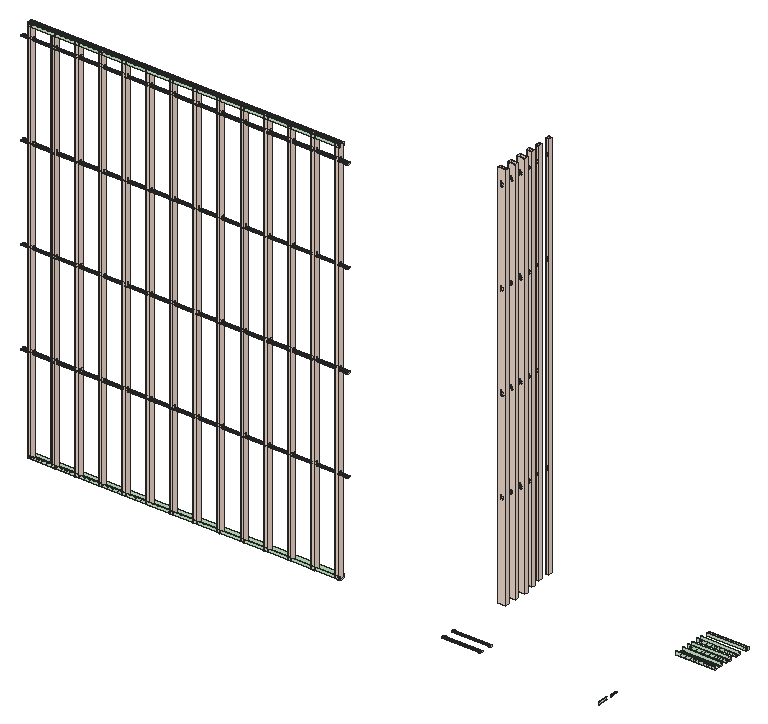
Revit family "SQ-PowerBar.", category 一般モデル, Revit 2022 (continued)
Definition of nested family "SQチャンネル（C-19）"
  Forms (mm)
    Extrusion 1, solid
      sketch origin (-9.5, 0, 0) x (0, 0, -1) y (1, 0, 0)
        loop
          arc (-6.886, 17.155) -> (-6.45, 17.039) -> (-6, 17) r 2.617
          arc (-6, 17) -> (-5.55, 17.039) -> (-5.114, 17.155) r 2.617
          line (-5.114, 17.155) -> (-2.406, 18.129)
          arc (-2.406, 18.129) -> (-1.31, 17.982) -> (-0.8, 17) r 1.2
          line (-0.8, 17) -> (-0.8, 13.5) -> (0, 13.5) -> (0, 17)
          arc (0, 17) -> (-0.85, 18.636) -> (-2.677, 18.882) r 2
          line (-2.677, 18.882) -> (-6, 17.686) -> (-9.323, 18.882)
      from 0 to -1000
  Dimensions and locks
    "K_長さ(mm)": plane 1 "中心(正面/背面)" to plane 4
    aligned and locked: level to plane 2
    aligned and locked: plane 4 to Extrusion 1
  Automatic sketch dimensions
    Extrusion 1 sketch curve to Extrusion 1 sketch curve = 0 mm  (x20)
    Extrusion 1 sketch curve to plane 3 "中心(左/右)" = 0 mm  (x2)
    Extrusion 1 sketch curve to plane 5 = 0 mm  (x2)
    Extrusion 1 sketch curve to level = 0 mm  (x2)
    Extrusion 1 sketch curve to plane 5 = 0.617 mm
    Extrusion 1 sketch curve to Extrusion 1 sketch curve = 0.8 mm  (x3)
    plane 5 to Extrusion 1 sketch curve = 0.8 mm
    plane 5 to Extrusion 1 sketch curve = 1.314 mm
    plane 3 "中心(左/右)" to Extrusion 1 sketch curve = 0.886 mm
    Extrusion 1 sketch curve to Extrusion 1 sketch curve = 0.531 mm  (x3)
    Extrusion 1 sketch curve to plane 3 "中心(左/右)" = 0.886 mm
    Extrusion 1 sketch curve to Extrusion 1 sketch curve = 1.2 mm  (x2)
    Extrusion 1 sketch curve to Extrusion 1 sketch curve = 0.406 mm  (x4)
    Extrusion 1 sketch curve to Extrusion 1 sketch curve = 0.271 mm  (x4)
    Extrusion 1 sketch curve to Extrusion 1 sketch curve = 2.707 mm  (x2)
    Extrusion 1 sketch curve to Extrusion 1 sketch curve = 0.886 mm  (x4)
    level to Extrusion 1 sketch curve = 2.677 mm  (x2)
    Extrusion 1 sketch curve to Extrusion 1 sketch curve = 2.765 mm  (x2)
    Extrusion 1 sketch curve to Extrusion 1 sketch curve = 0.14 mm  (x2)
    Extrusion 1 sketch curve to plane 3 "中心(左/右)" = 4 mm
    Extrusion 1 sketch curve to Extrusion 1 sketch curve = 3.5 mm  (x2)
    Extrusion 1 sketch curve to Extrusion 1 sketch curve = 3.709 mm  (x2)
    Extrusion 1 sketch curve to Extrusion 1 sketch curve = 1.727 mm
    Extrusion 1 sketch curve to Extrusion 1 sketch curve = 0.753 mm  (x2)
    Extrusion 1 sketch curve to Extrusion 1 sketch curve = 1.931 mm  (x2)
    plane 3 "中心(左/右)" to Extrusion 1 sketch curve = 4 mm
    Extrusion 1 sketch curve to Extrusion 1 sketch curve = 0.974 mm
Definition of nested family "SQチャンネル（C-38）"
  Parameters (values of type "SQチャンネル（C-38）")
    Manufacturer = "株式会社桐井製作所"
    Default Elevation = 0 mm
    URL = "https://www.kirii.co.jp/"
    K_長さ(mm) [instance] = 1000 mm
    K_外形寸法(mm) = "38×12×5×0.6"
    K_品名 = "SQチャンネルC-38"
    K_名称 = "振れ止め"
    K_バージョン情報 = "20210714"
  Reference planes
    plane 1 "中心(正面/背面)": y = 0
    plane 2: z = 0
    plane 3 "中心(左/右)": x = 0
    plane 4: y = 1000
    plane 5: z = 12
  Forms (mm)
    Extrusion 1, solid
      sketch origin (19, 0, 0) x (0, 0, -1) y (1, 0, 0)
        loop
          arc (-11.2, -31.193) -> (-10.618, -30.714) -> (-10.4, -29.993) r 1.3
          line (-10.4, -29.993) -> (-10.4, -25.007)
          arc (-10.4, -25.007) -> (-10.618, -24.286) -> (-11.2, -23.807) r 1.3
          line (-11.2, -23.807) -> (-11.2, -14.193)
          arc (-11.2, -14.193) -> (-10.618, -13.714) -> (-10.4, -12.993) r 1.3
          line (-10.4, -12.993) -> (-10.4, -8.007)
          arc (-10.4, -8.007) -> (-10.618, -7.286) -> (-11.2, -6.807) r 1.3
          line (-11.2, -6.807) -> (-11.2, -1.5)
          arc (-11.2, -1.5) -> (-10.995, -1.005) -> (-10.5, -0.8) r 0.7
          line (-10.5, -0.8) -> (-9.604, -0.8) -> (-6.94, -1.825)
          arc (-6.94, -1.825) -> (-6.029, -2) -> (-5.114, -1.845) r 2.617
          line (-5.114, -1.845) -> (-2.405, -0.87)
          arc (-2.405, -0.87) -> (-1.309, -1.019) -> (-0.8, -2) r 1.2
          line (-0.8, -2) -> (-0.8, -5) -> (0, -5) -> (0, -2)
          arc (0, -2) -> (-0.849, -0.364) -> (-2.675, -0.117) r 2
          line (-2.675, -0.117) -> (-5.385, -1.093)
          arc (-5.385, -1.093) -> (-6.02, -1.2) -> (-6.653, -1.079) r 1.817
          line (-6.653, -1.079) -> (-9.23, -0.087)
          arc (-9.23, -0.087) -> (-9.862, 0.007) -> (-10.5, 0) r 4.023
          arc (-10.5, 0) -> (-11.561, -0.439) -> (-12, -1.461) r 1.5
          line (-12, -1.461) -> (-12, -6.461)
          arc (-12, -6.461) -> (-11.782, -7.183) -> (-11.2, -7.661) r 1.3
          line (-11.2, -7.661) -> (-11.2, -13.338)
          arc (-11.2, -13.338) -> (-11.782, -13.817) -> (-12, -14.537) r 1.3
          line (-12, -14.537) -> (-12, -23.461)
          arc (-12, -23.461) -> (-11.782, -24.183) -> (-11.2, -24.661) r 1.3
          line (-11.2, -24.661) -> (-11.2, -30.338)
          arc (-11.2, -30.338) -> (-11.782, -30.817) -> (-12, -31.5) r 1.3
          line (-12, -31.5) -> (-12, -36.5)
          arc (-12, -36.5) -> (-11.561, -37.561) -> (-10.5, -38) r 1.5
          line (-10.5, -38) -> (-9.455, -38) -> (-6.653, -36.921)
          arc (-6.653, -36.921) -> (-6.02, -36.8) -> (-5.385, -36.907) r 1.817
          line (-5.385, -36.907) -> (-2.676, -37.882)
          arc (-2.676, -37.882) -> (-0.849, -37.636) -> (0, -36) r 2
          line (0, -36) -> (0, -33) -> (-0.8, -33) -> (-0.8, -36)
          arc (-0.8, -36) -> (-1.306, -36.979) -> (-2.397, -37.132) r 1.2
          line (-2.397, -37.132) -> (-5.114, -36.155)
          arc (-5.114, -36.155) -> (-6.029, -36) -> (-6.94, -36.175) r 2.617
          line (-6.94, -36.175) -> (-9.604, -37.2) -> (-10.5, -37.2)
          arc (-10.5, -37.2) -> (-10.995, -36.995) -> (-11.2, -36.5) r 0.7
          line (-11.2, -36.5) -> (-11.2, -31.193)
      from 0 to -1000
  Dimensions and locks
    "K_長さ(mm)": plane 1 "中心(正面/背面)" to plane 4
    aligned and locked: level to plane 2
    aligned and locked: plane 4 to Extrusion 1
  Automatic sketch dimensions
    Extrusion 1 sketch curve to Extrusion 1 sketch curve = 0 mm  (x27)
    Extrusion 1 sketch curve to level = 0 mm  (x2)
    level to Extrusion 1 sketch curve = 0 mm  (x2)
    level to Extrusion 1 sketch curve = 0.8 mm  (x2)
    Extrusion 1 sketch curve to Extrusion 1 sketch curve = 0.8 mm  (x7)
    Extrusion 1 sketch curve to Extrusion 1 sketch curve = 1.199 mm
    Extrusion 1 sketch curve to Extrusion 1 sketch curve = 0.001 mm
    Extrusion 1 sketch curve to Extrusion 1 sketch curve = 1.2 mm
    Extrusion 1 sketch curve to Extrusion 1 sketch curve = 0.398 mm
    Extrusion 1 sketch curve to Extrusion 1 sketch curve = 0.405 mm
    Extrusion 1 sketch curve to Extrusion 1 sketch curve = 0.27 mm
    Extrusion 1 sketch curve to Extrusion 1 sketch curve = 0.279 mm
    Extrusion 1 sketch curve to Extrusion 1 sketch curve = 2.709 mm
    Extrusion 1 sketch curve to Extrusion 1 sketch curve = 2.717 mm
    Extrusion 1 sketch curve to Extrusion 1 sketch curve = 0.271 mm  (x2)
    Extrusion 1 sketch curve to Extrusion 1 sketch curve = 0.615 mm  (x2)
    Extrusion 1 sketch curve to Extrusion 1 sketch curve = 1.268 mm  (x2)
    Extrusion 1 sketch curve to Extrusion 1 sketch curve = 0.287 mm  (x2)
    Extrusion 1 sketch curve to Extrusion 1 sketch curve = 2.577 mm
    Extrusion 1 sketch curve to Extrusion 1 sketch curve = 2.803 mm
    Extrusion 1 sketch curve to Extrusion 1 sketch curve = 0.374 mm
    Extrusion 1 sketch curve to Extrusion 1 sketch curve = 0.149 mm
    Extrusion 1 sketch curve to Extrusion 1 sketch curve = 0.532 mm
    Extrusion 1 sketch curve to Extrusion 1 sketch curve = 0.264 mm
    level to Extrusion 1 sketch curve = 10.4 mm
    Extrusion 1 sketch curve to Extrusion 1 sketch curve = 0.896 mm  (x2)
    Extrusion 1 sketch curve to Extrusion 1 sketch curve = 0.3 mm  (x4)
    Extrusion 1 sketch curve to Extrusion 1 sketch curve = 0.5 mm  (x8)
    Extrusion 1 sketch curve to Extrusion 1 sketch curve = 0.7 mm
    Extrusion 1 sketch curve to plane 3 "中心(左/右)" = 19.617 mm
    Extrusion 1 sketch curve to Extrusion 1 sketch curve = 0.617 mm
    Extrusion 1 sketch curve to Extrusion 1 sketch curve = 0.735 mm
    Extrusion 1 sketch curve to Extrusion 1 sketch curve = 0.749 mm
    Extrusion 1 sketch curve to Extrusion 1 sketch curve = 1.695 mm
    Extrusion 1 sketch curve to Extrusion 1 sketch curve = 0.747 mm
    Extrusion 1 sketch curve to Extrusion 1 sketch curve = 1.132 mm
    Extrusion 1 sketch curve to Extrusion 1 sketch curve = 4.962 mm
    Extrusion 1 sketch curve to Extrusion 1 sketch curve = 0.346 mm  (x10)
    Extrusion 1 sketch curve to Extrusion 1 sketch curve = 4.986 mm  (x2)
    plane 3 "中心(左/右)" to Extrusion 1 sketch curve = 4.462 mm
    Extrusion 1 sketch curve to Extrusion 1 sketch curve = 1.462 mm
    Extrusion 1 sketch curve to Extrusion 1 sketch curve = 2.455 mm
    Extrusion 1 sketch curve to Extrusion 1 sketch curve = 3 mm
    Extrusion 1 sketch curve to Extrusion 1 sketch curve = 0.975 mm
    Extrusion 1 sketch curve to Extrusion 1 sketch curve = 0.02 mm
    Extrusion 1 sketch curve to Extrusion 1 sketch curve = 2.507 mm
    Extrusion 1 sketch curve to Extrusion 1 sketch curve = 0.753 mm
    Extrusion 1 sketch curve to Extrusion 1 sketch curve = 0.713 mm
    Extrusion 1 sketch curve to Extrusion 1 sketch curve = 0.038 mm  (x2)
    Extrusion 1 sketch curve to Extrusion 1 sketch curve = 0.002 mm
Definition of nested family "SQ-C38ジョイント"
  Parameters (values of type "SQ-C38ジョイント")
    Manufacturer = "株式会社桐井製作所"
    Default Elevation = 0 mm
    URL = "https://www.kirii.co.jp/"
    K_品名 = "SQ-C38ジョイント"
    K_名称 = "チャンネルジョイント"
    K_入数 = "400"
    K_バージョン情報 = "20210714"
  Reference planes
    plane 1 "中心(正面/背面)": y = 0
    plane 2: z = 0
    plane 3 "中心(左/右)": x = 0
  Forms (mm)
    Extrusion 1, solid
      sketch origin (2.7, 0, 0) x (1, 0, 0) y (0, 0, 1)
        loop
          arc (-10, 17) -> (-10.919, 16.619) -> (-11.3, 15.7) r 1.3
          line (-11.3, 15.7) -> (-11.3, -15.7)
          arc (-11.3, -15.7) -> (-10.919, -16.619) -> (-10, -17) r 1.3
          line (-10, -17) -> (-2.7, -17) -> (-2.7, -16.2) -> (-10, -16.2)
          arc (-10, -16.2) -> (-10.354, -16.054) -> (-10.5, -15.7) r 0.5
          line (-10.5, -15.7) -> (-10.5, 15.7)
          arc (-10.5, 15.7) -> (-10.354, 16.054) -> (-10, 16.2) r 0.5
          line (-10, 16.2) -> (-2.7, 16.2) -> (-2.7, 17) -> (-10, 17)
      from -60 to 60
    Extrusion 2, solid
      sketch origin (0, 0, 0) x (1, 0, 0) y (0, 0, 1)
        loop
          line (-8.6, 11.158) -> (-8.6, 12)
          arc (-8.6, 12) -> (-10.767, 10.5) -> (-11.6, 8) r 4.167
          line (-11.6, 8) -> (-11.6, -8)
          arc (-11.6, -8) -> (-10.767, -10.5) -> (-8.6, -12) r 4.167
          line (-8.6, -12) -> (-8.6, -11.158)
          arc (-8.6, -11.158) -> (-10.196, -9.924) -> (-10.8, -8) r 3.367
          line (-10.8, -8) -> (-10.8, 8)
          arc (-10.8, 8) -> (-10.196, 9.924) -> (-8.6, 11.158) r 3.367
      from -6 to 6
    Extrusion 3, void
      sketch origin (0, 0, 0) x (0, 1, 0) y (0, 0, 1)
        loop
          line (-40, 7.521) -> (-40, -7.479) -> (-20, -7.479) -> (-20, 7.521) -> (-40, 7.521)
        loop
          line (20, 7.521) -> (20, -7.479) -> (40, -7.479) -> (40, 7.521) -> (20, 7.521)
      from -8.6 to -7.8
    Extrusion 4, solid
      sketch origin (0, 0, 0) x (1, 0, 0) y (0, 1, 0)
        loop
          line (-8.6, 40) -> (-11.6, 20) -> (-10.809, 19.881) -> (-7.8, 40) -> (-8.6, 40)
        loop
          line (-8.6, -40) -> (-7.8, -40) -> (-10.809, -19.881) -> (-11.6, -20) -> (-8.6, -40)
      from -7.479 to 7.521
    Extrusion 5, void
      sketch origin (0, 0, 0) x (0, 1, 0) y (0, 0, 1)
        loop
          line (-6, 11.158) -> (-6, -11.158) -> (6, -11.158) -> (6, 11.158) -> (-6, 11.158)
      from -8.6 to -7.8
  Cuts and joins
    Extrusion 3, Extrusion 5 cuts Extrusion 1
    joined: Extrusion 1, Extrusion 2, Extrusion 4
  Dimensions and locks
    aligned and locked: level to plane 2
Definition of nested family "SQ-PowerBar4045"
  Parameters (values of type "SQ-PowerBar4045")
    Manufacturer = "株式会社桐井製作所"
    Default Elevation = 0 mm
    振れ止め本数 [instance] = roundup(([K_長さ(mm)] - 1200 mm) * 1 / 振れ止めピッチ) * 1  # 4
    振れ止めピッチ = 1200 mm  # constant formula
    URL = "https://www.kirii.co.jp/"
    K_長さ(mm) [instance] = 5000 mm
    K_外形寸法(mm) = "40×45×0.45"
    K_品名 = "SQ-PowerBar4045"
    K_名称 = "スタッド"
    K_バージョン情報 = "20210714"
  Reference planes
    plane 1 "中心(正面/背面)": y = 0
    plane 2: z = 0
    plane 3 "中心(左/右)": x = 0
    plane 4: x = 20
    plane 5: x = -20
    plane 6: y = 22.5
    plane 7: z = 5000
    plane 8: y = -22.5
    plane 9: z = 1200
  Forms (mm)
    Extrusion 1, solid
      sketch origin (0.5, -20, 0) x (1, 0, 0) y (0, 1, 0)
        loop
          line (-20.5, 42.5) -> (-20.5, -2.5) -> (19.5, -2.5) -> (19.5, 42.5) -> (-20.5, 42.5)
        loop
          line (-20.05, 42.05) -> (-20.05, -2.05) -> (19.05, -2.05) -> (19.05, 42.05) -> (-20.05, 42.05)
      from 0 to 5000
    Extrusion 2, void
      sketch origin (0, 0, -2.498) x (1, 0, 0) y (0, 0, 1)
        loop
          line (9.5, 1214.5) -> (10.689, 1225.606)
          arc (10.689, 1225.606) -> (9.707, 1231.368) -> (5.855, 1235.765) r 10.75
          arc (5.855, 1235.765) -> (5.521, 1236.127) -> (5.4, 1236.604) r 1
          line (5.4, 1236.604) -> (5.4, 1238.5)
          arc (5.4, 1238.5) -> (5.107, 1239.207) -> (4.4, 1239.5) r 1
          line (4.4, 1239.5) -> (-4.4, 1239.5)
          arc (-4.4, 1239.5) -> (-5.107, 1239.207) -> (-5.4, 1238.5) r 1
          line (-5.4, 1238.5) -> (-5.4, 1236.604)
          arc (-5.4, 1236.604) -> (-5.521, 1236.127) -> (-5.855, 1235.765) r 1
          arc (-5.855, 1235.765) -> (-9.707, 1231.368) -> (-10.689, 1225.606) r 10.75
          line (-10.689, 1225.606) -> (-9.5, 1214.5) -> (-9.5, 1211.956) -> (-8.421, 1209.153)
          arc (-8.421, 1209.153) -> (-8.3, 1208.52) -> (-8.407, 1207.885) r 1.817
          line (-8.407, 1207.885) -> (-9.501, 1204.847) -> (-9.501, 1203.499)
          arc (-9.501, 1203.499) -> (-9.208, 1202.791) -> (-8.5, 1202.498) r 1.001
          line (-8.5, 1202.498) -> (-6.417, 1202.498)
          arc (-6.417, 1202.498) -> (-5.841, 1202.309) -> (-5.486, 1201.818) r 0.978
          line (-5.486, 1201.818) -> (-5.359, 1201.002)
          arc (-5.359, 1201.002) -> (-5.072, 1200.31) -> (-4.379, 1200.023) r 0.979
          line (-4.379, 1200.023) -> (4.379, 1200.023)
          arc (4.379, 1200.023) -> (5.072, 1200.31) -> (5.359, 1201.002) r 0.979
          line (5.359, 1201.002) -> (5.486, 1201.818)
          arc (5.486, 1201.818) -> (5.841, 1202.309) -> (6.417, 1202.498) r 0.978
          line (6.417, 1202.498) -> (8.5, 1202.5)
          arc (8.5, 1202.5) -> (9.207, 1202.793) -> (9.5, 1203.5) r 1
          line (9.5, 1203.5) -> (9.5, 1204.849) -> (8.407, 1207.885)
          arc (8.407, 1207.885) -> (8.3, 1208.52) -> (8.421, 1209.153) r 1.817
          line (8.421, 1209.153) -> (9.5, 1211.956) -> (9.5, 1214.5)
      from -22.5 to -21.596
    Extrusion 3, void
      sketch origin (0, 0, 0) x (1, 0, 0) y (0, 0, 1)
        loop
          line (-4.774, 1234.724) -> (-4.8, 1233.869)
          arc (-4.8, 1233.869) -> (-9.43, 1229.41) -> (-10.689, 1223.106) r 10.75
          line (-10.689, 1223.106) -> (-9.5, 1212.003) -> (-9.5, 1209.457) -> (-9.5, 1200.952)
          arc (-9.5, 1200.952) -> (-9.19, 1200.276) -> (-8.5, 1200) r 1.001
          line (-8.5, 1200) -> (-4.8, 1200)
          arc (-4.8, 1200) -> (-4.507, 1199.293) -> (-3.8, 1199) r 1
          line (-3.8, 1199) -> (3.8, 1199)
          arc (3.8, 1199) -> (4.507, 1199.293) -> (4.8, 1200) r 1
          line (4.8, 1200) -> (8.5, 1200.002)
          arc (8.5, 1200.002) -> (9.207, 1200.295) -> (9.5, 1201) r 1
          line (9.5, 1201) -> (9.5, 1210) -> (9.5, 1212) -> (10.689, 1223.106)
          arc (10.689, 1223.106) -> (9.431, 1229.41) -> (4.8, 1233.869) r 10.75
          line (4.8, 1233.869) -> (4.774, 1234.724)
          arc (4.774, 1234.724) -> (4.423, 1235.282) -> (3.8, 1235.5) r 1
          line (3.8, 1235.5) -> (-3.8, 1235.5)
          arc (-3.8, 1235.5) -> (-4.423, 1235.282) -> (-4.774, 1234.724) r 1
      from 21.501 to 22.5
    Extrusion 4, void
      sketch origin (0, 0, 1200) x (1, 0, 0) y (0, 0, 1)
        loop
          line (-4.774, 1234.724) -> (-4.8, 1233.869)
          arc (-4.8, 1233.869) -> (-9.43, 1229.41) -> (-10.689, 1223.106) r 10.75
          line (-10.689, 1223.106) -> (-9.5, 1212.003) -> (-9.5, 1209.457) -> (-9.5, 1200.952)
          arc (-9.5, 1200.952) -> (-9.19, 1200.276) -> (-8.5, 1200) r 1.001
          line (-8.5, 1200) -> (-4.8, 1200)
          arc (-4.8, 1200) -> (-4.507, 1199.293) -> (-3.8, 1199) r 1
          line (-3.8, 1199) -> (3.8, 1199)
          arc (3.8, 1199) -> (4.507, 1199.293) -> (4.8, 1200) r 1
          line (4.8, 1200) -> (8.5, 1200.002)
          arc (8.5, 1200.002) -> (9.207, 1200.295) -> (9.5, 1201) r 1
          line (9.5, 1201) -> (9.5, 1210) -> (9.5, 1212) -> (10.689, 1223.106)
          arc (10.689, 1223.106) -> (9.431, 1229.41) -> (4.8, 1233.869) r 10.75
          line (4.8, 1233.869) -> (4.774, 1234.724)
          arc (4.774, 1234.724) -> (4.423, 1235.282) -> (3.8, 1235.5) r 1
          line (3.8, 1235.5) -> (-3.8, 1235.5)
          arc (-3.8, 1235.5) -> (-4.423, 1235.282) -> (-4.774, 1234.724) r 1
      from 21.501 to 22.5
    Extrusion 5, void
      sketch origin (0, 0, 2400) x (1, 0, 0) y (0, 0, 1)
        loop
          line (-4.774, 1234.724) -> (-4.8, 1233.869)
          arc (-4.8, 1233.869) -> (-9.43, 1229.41) -> (-10.689, 1223.106) r 10.75
          line (-10.689, 1223.106) -> (-9.5, 1212.003) -> (-9.5, 1209.457) -> (-9.5, 1200.952)
          arc (-9.5, 1200.952) -> (-9.19, 1200.276) -> (-8.5, 1200) r 1.001
          line (-8.5, 1200) -> (-4.8, 1200)
          arc (-4.8, 1200) -> (-4.507, 1199.293) -> (-3.8, 1199) r 1
          line (-3.8, 1199) -> (3.8, 1199)
          arc (3.8, 1199) -> (4.507, 1199.293) -> (4.8, 1200) r 1
          line (4.8, 1200) -> (8.5, 1200.002)
          arc (8.5, 1200.002) -> (9.207, 1200.295) -> (9.5, 1201) r 1
          line (9.5, 1201) -> (9.5, 1210) -> (9.5, 1212) -> (10.689, 1223.106)
          arc (10.689, 1223.106) -> (9.431, 1229.41) -> (4.8, 1233.869) r 10.75
          line (4.8, 1233.869) -> (4.774, 1234.724)
          arc (4.774, 1234.724) -> (4.423, 1235.282) -> (3.8, 1235.5) r 1
          line (3.8, 1235.5) -> (-3.8, 1235.5)
          arc (-3.8, 1235.5) -> (-4.423, 1235.282) -> (-4.774, 1234.724) r 1
      from 21.501 to 22.5
    Extrusion 6, void
      sketch origin (0, 0, 3600) x (1, 0, 0) y (0, 0, 1)
        loop
          line (-4.774, 1234.724) -> (-4.8, 1233.869)
          arc (-4.8, 1233.869) -> (-9.43, 1229.41) -> (-10.689, 1223.106) r 10.75
          line (-10.689, 1223.106) -> (-9.5, 1212.003) -> (-9.5, 1209.457) -> (-9.5, 1200.952)
          arc (-9.5, 1200.952) -> (-9.19, 1200.276) -> (-8.5, 1200) r 1.001
          line (-8.5, 1200) -> (-4.8, 1200)
          arc (-4.8, 1200) -> (-4.507, 1199.293) -> (-3.8, 1199) r 1
          line (-3.8, 1199) -> (3.8, 1199)
          arc (3.8, 1199) -> (4.507, 1199.293) -> (4.8, 1200) r 1
          line (4.8, 1200) -> (8.5, 1200.002)
          arc (8.5, 1200.002) -> (9.207, 1200.295) -> (9.5, 1201) r 1
          line (9.5, 1201) -> (9.5, 1210) -> (9.5, 1212) -> (10.689, 1223.106)
          arc (10.689, 1223.106) -> (9.431, 1229.41) -> (4.8, 1233.869) r 10.75
          line (4.8, 1233.869) -> (4.774, 1234.724)
          arc (4.774, 1234.724) -> (4.423, 1235.282) -> (3.8, 1235.5) r 1
          line (3.8, 1235.5) -> (-3.8, 1235.5)
          arc (-3.8, 1235.5) -> (-4.423, 1235.282) -> (-4.774, 1234.724) r 1
      from 21.501 to 22.5
    Extrusion 7, void
      sketch origin (0, 0, 1197.502) x (1, 0, 0) y (0, 0, 1)
        loop
          line (9.5, 1214.5) -> (10.689, 1225.606)
          arc (10.689, 1225.606) -> (9.707, 1231.368) -> (5.855, 1235.765) r 10.75
          arc (5.855, 1235.765) -> (5.521, 1236.127) -> (5.4, 1236.604) r 1
          line (5.4, 1236.604) -> (5.4, 1238.5)
          arc (5.4, 1238.5) -> (5.107, 1239.207) -> (4.4, 1239.5) r 1
          line (4.4, 1239.5) -> (-4.4, 1239.5)
          arc (-4.4, 1239.5) -> (-5.107, 1239.207) -> (-5.4, 1238.5) r 1
          line (-5.4, 1238.5) -> (-5.4, 1236.604)
          arc (-5.4, 1236.604) -> (-5.521, 1236.127) -> (-5.855, 1235.765) r 1
          arc (-5.855, 1235.765) -> (-9.707, 1231.368) -> (-10.689, 1225.606) r 10.75
          line (-10.689, 1225.606) -> (-9.5, 1214.5) -> (-9.5, 1211.956) -> (-8.421, 1209.153)
          arc (-8.421, 1209.153) -> (-8.3, 1208.52) -> (-8.407, 1207.885) r 1.817
          line (-8.407, 1207.885) -> (-9.501, 1204.847) -> (-9.501, 1203.499)
          arc (-9.501, 1203.499) -> (-9.208, 1202.791) -> (-8.5, 1202.498) r 1.001
          line (-8.5, 1202.498) -> (-6.417, 1202.498)
          arc (-6.417, 1202.498) -> (-5.841, 1202.309) -> (-5.486, 1201.818) r 0.978
          line (-5.486, 1201.818) -> (-5.359, 1201.002)
          arc (-5.359, 1201.002) -> (-5.072, 1200.31) -> (-4.379, 1200.023) r 0.979
          line (-4.379, 1200.023) -> (4.379, 1200.023)
          arc (4.379, 1200.023) -> (5.072, 1200.31) -> (5.359, 1201.002) r 0.979
          line (5.359, 1201.002) -> (5.486, 1201.818)
          arc (5.486, 1201.818) -> (5.841, 1202.309) -> (6.417, 1202.498) r 0.978
          line (6.417, 1202.498) -> (8.5, 1202.5)
          arc (8.5, 1202.5) -> (9.207, 1202.793) -> (9.5, 1203.5) r 1
          line (9.5, 1203.5) -> (9.5, 1204.849) -> (8.407, 1207.885)
          arc (8.407, 1207.885) -> (8.3, 1208.52) -> (8.421, 1209.153) r 1.817
          line (8.421, 1209.153) -> (9.5, 1211.956) -> (9.5, 1214.5)
      from -22.5 to -21.596
    Extrusion 8, void
      sketch origin (0, 0, 2397.502) x (1, 0, 0) y (0, 0, 1)
        loop
          line (9.5, 1214.5) -> (10.689, 1225.606)
          arc (10.689, 1225.606) -> (9.707, 1231.368) -> (5.855, 1235.765) r 10.75
          arc (5.855, 1235.765) -> (5.521, 1236.127) -> (5.4, 1236.604) r 1
          line (5.4, 1236.604) -> (5.4, 1238.5)
          arc (5.4, 1238.5) -> (5.107, 1239.207) -> (4.4, 1239.5) r 1
          line (4.4, 1239.5) -> (-4.4, 1239.5)
          arc (-4.4, 1239.5) -> (-5.107, 1239.207) -> (-5.4, 1238.5) r 1
          line (-5.4, 1238.5) -> (-5.4, 1236.604)
          arc (-5.4, 1236.604) -> (-5.521, 1236.127) -> (-5.855, 1235.765) r 1
          arc (-5.855, 1235.765) -> (-9.707, 1231.368) -> (-10.689, 1225.606) r 10.75
          line (-10.689, 1225.606) -> (-9.5, 1214.5) -> (-9.5, 1211.956) -> (-8.421, 1209.153)
          arc (-8.421, 1209.153) -> (-8.3, 1208.52) -> (-8.407, 1207.885) r 1.817
          line (-8.407, 1207.885) -> (-9.501, 1204.847) -> (-9.501, 1203.499)
          arc (-9.501, 1203.499) -> (-9.208, 1202.791) -> (-8.5, 1202.498) r 1.001
          line (-8.5, 1202.498) -> (-6.417, 1202.498)
          arc (-6.417, 1202.498) -> (-5.841, 1202.309) -> (-5.486, 1201.818) r 0.978
          line (-5.486, 1201.818) -> (-5.359, 1201.002)
          arc (-5.359, 1201.002) -> (-5.072, 1200.31) -> (-4.379, 1200.023) r 0.979
          line (-4.379, 1200.023) -> (4.379, 1200.023)
          arc (4.379, 1200.023) -> (5.072, 1200.31) -> (5.359, 1201.002) r 0.979
          line (5.359, 1201.002) -> (5.486, 1201.818)
          arc (5.486, 1201.818) -> (5.841, 1202.309) -> (6.417, 1202.498) r 0.978
          line (6.417, 1202.498) -> (8.5, 1202.5)
          arc (8.5, 1202.5) -> (9.207, 1202.793) -> (9.5, 1203.5) r 1
          line (9.5, 1203.5) -> (9.5, 1204.849) -> (8.407, 1207.885)
          arc (8.407, 1207.885) -> (8.3, 1208.52) -> (8.421, 1209.153) r 1.817
          line (8.421, 1209.153) -> (9.5, 1211.956) -> (9.5, 1214.5)
      from -22.5 to -21.596
    Extrusion 9, void
      sketch origin (0, 0, 3597.502) x (1, 0, 0) y (0, 0, 1)
        loop
          line (9.5, 1214.5) -> (10.689, 1225.606)
          arc (10.689, 1225.606) -> (9.707, 1231.368) -> (5.855, 1235.765) r 10.75
          arc (5.855, 1235.765) -> (5.521, 1236.127) -> (5.4, 1236.604) r 1
          line (5.4, 1236.604) -> (5.4, 1238.5)
          arc (5.4, 1238.5) -> (5.107, 1239.207) -> (4.4, 1239.5) r 1
          line (4.4, 1239.5) -> (-4.4, 1239.5)
          arc (-4.4, 1239.5) -> (-5.107, 1239.207) -> (-5.4, 1238.5) r 1
          line (-5.4, 1238.5) -> (-5.4, 1236.604)
          arc (-5.4, 1236.604) -> (-5.521, 1236.127) -> (-5.855, 1235.765) r 1
          arc (-5.855, 1235.765) -> (-9.707, 1231.368) -> (-10.689, 1225.606) r 10.75
          line (-10.689, 1225.606) -> (-9.5, 1214.5) -> (-9.5, 1211.956) -> (-8.421, 1209.153)
          arc (-8.421, 1209.153) -> (-8.3, 1208.52) -> (-8.407, 1207.885) r 1.817
          line (-8.407, 1207.885) -> (-9.501, 1204.847) -> (-9.501, 1203.499)
          arc (-9.501, 1203.499) -> (-9.208, 1202.791) -> (-8.5, 1202.498) r 1.001
          line (-8.5, 1202.498) -> (-6.417, 1202.498)
          arc (-6.417, 1202.498) -> (-5.841, 1202.309) -> (-5.486, 1201.818) r 0.978
          line (-5.486, 1201.818) -> (-5.359, 1201.002)
          arc (-5.359, 1201.002) -> (-5.072, 1200.31) -> (-4.379, 1200.023) r 0.979
          line (-4.379, 1200.023) -> (4.379, 1200.023)
          arc (4.379, 1200.023) -> (5.072, 1200.31) -> (5.359, 1201.002) r 0.979
          line (5.359, 1201.002) -> (5.486, 1201.818)
          arc (5.486, 1201.818) -> (5.841, 1202.309) -> (6.417, 1202.498) r 0.978
          line (6.417, 1202.498) -> (8.5, 1202.5)
          arc (8.5, 1202.5) -> (9.207, 1202.793) -> (9.5, 1203.5) r 1
          line (9.5, 1203.5) -> (9.5, 1204.849) -> (8.407, 1207.885)
          arc (8.407, 1207.885) -> (8.3, 1208.52) -> (8.421, 1209.153) r 1.817
          line (8.421, 1209.153) -> (9.5, 1211.956) -> (9.5, 1214.5)
      from -22.5 to -21.596
  Cuts and joins
    Extrusion 2, Extrusion 3, Extrusion 5, Extrusion 6, Extrusion 8, Extrusion 9 cuts Extrusion 1
  Dimensions and locks
    "K_長さ(mm)": plane 7 to level
    equal spacing: group 1, group 2, group 3, group 4  (x3)
    "振れ止めピッチ": plane 2 to plane 9
    equal spacing: group 5, group 6, group 7, group 8  (x3)
    aligned and locked: level to plane 2
    aligned and locked: Extrusion 1 sketch curve to plane 6
    aligned and locked: plane 7 to Extrusion 1
    aligned and locked: plane 6 to Extrusion 1
    aligned and locked: Extrusion 1 to plane 8
    aligned and locked: plane 4 to Extrusion 1
    aligned and locked: Extrusion 1 to plane 5
    aligned and locked: plane 9 to cut or joined group of Extrusion 1, Extrusion 2, Extrusion 3, Extrusion 5, Extrusion 6, Extrusion 8, Extrusion 9
    aligned and locked: cut or joined group of Extrusion 1, Extrusion 2, Extrusion 3, Extrusion 5, Extrusion 6, Extrusion 8, Extrusion 9 to plane 9
  Automatic sketch dimensions
    Extrusion 1 sketch curve to plane 4 = 0.45 mm
    plane 5 to Extrusion 1 sketch curve = 0.45 mm
    plane 1 "中心(正面/背面)" to Extrusion 1 sketch curve = 22.05 mm
    Extrusion 1 sketch curve to plane 6 = 0.45 mm
    Extrusion 1 sketch curve to plane 4 = 0 mm
    Extrusion 1 sketch curve to plane 5 = 0 mm
    Extrusion 1 sketch curve to plane 8 = 0 mm
    Extrusion 2 sketch curve to Extrusion 2 sketch curve = 1.188 mm
    Extrusion 2 sketch curve to Extrusion 2 sketch curve = 0.001 mm
    Extrusion 2 sketch curve to Extrusion 2 sketch curve = 1.001 mm
    Extrusion 2 sketch curve to Extrusion 2 sketch curve = 2.082 mm
    Extrusion 2 sketch curve to Extrusion 2 sketch curve = 4.289 mm
    Extrusion 2 sketch curve to Extrusion 2 sketch curve = 0.931 mm  (x2)
    Extrusion 2 sketch curve to Extrusion 2 sketch curve = 1 mm  (x6)
    Extrusion 2 sketch curve to Extrusion 2 sketch curve = 0.127 mm  (x2)
    Extrusion 2 sketch curve to Extrusion 2 sketch curve = 0.979 mm
    Extrusion 2 sketch curve to Extrusion 2 sketch curve = 10.689 mm  (x2)
    Extrusion 2 sketch curve to Extrusion 2 sketch curve = 8.759 mm
    Extrusion 2 sketch curve to Extrusion 2 sketch curve = 8.8 mm
    Extrusion 2 sketch curve to Extrusion 2 sketch curve = 2.083 mm
    Extrusion 2 sketch curve to Extrusion 2 sketch curve = 0 mm  (x5)
    Extrusion 2 sketch curve to Extrusion 2 sketch curve = 0.518 mm  (x2)
    Extrusion 2 sketch curve to Extrusion 2 sketch curve = 0.816 mm  (x2)
    Extrusion 2 sketch curve to Extrusion 2 sketch curve = 0.002 mm
    Extrusion 2 sketch curve to Extrusion 2 sketch curve = 8.457 mm
    Extrusion 2 sketch curve to Extrusion 2 sketch curve = 8.456 mm
    Extrusion 2 sketch curve to Extrusion 2 sketch curve = 2.544 mm  (x2)
    Extrusion 2 sketch curve to Extrusion 2 sketch curve = 11.106 mm  (x2)
    Extrusion 2 sketch curve to Extrusion 2 sketch curve = 1.144 mm
    Extrusion 2 sketch curve to Extrusion 2 sketch curve = 9.854 mm  (x2)
    Extrusion 2 sketch curve to Extrusion 2 sketch curve = 1.896 mm
    Extrusion 2 sketch curve to Extrusion 2 sketch curve = 1.079 mm
    Extrusion 2 sketch curve to Extrusion 2 sketch curve = 0.014 mm  (x2)
    Extrusion 2 sketch curve to Extrusion 2 sketch curve = 0.017 mm
    Extrusion 2 sketch curve to Extrusion 2 sketch curve = 1.093 mm
    Extrusion 2 sketch curve to Extrusion 2 sketch curve = 1.348 mm
    Extrusion 2 sketch curve to Extrusion 2 sketch curve = 1.349 mm
    Extrusion 2 sketch curve to Extrusion 2 sketch curve = 3.036 mm
    Extrusion 2 sketch curve to Extrusion 2 sketch curve = 3.038 mm
    Extrusion 2 sketch curve to Extrusion 2 sketch curve = 1.268 mm  (x2)
    Extrusion 2 sketch curve to Extrusion 2 sketch curve = 1.695 mm
    Extrusion 2 sketch curve to Extrusion 2 sketch curve = 1.709 mm
    Extrusion 3 sketch curve to Extrusion 3 sketch curve = 0 mm  (x7)
    Extrusion 3 sketch curve to Extrusion 3 sketch curve = 1 mm  (x4)
    Extrusion 3 sketch curve to Extrusion 3 sketch curve = 3.7 mm  (x2)
    Extrusion 3 sketch curve to Extrusion 3 sketch curve = 0.025 mm  (x2)
    Extrusion 3 sketch curve to Extrusion 3 sketch curve = 0.975 mm  (x2)
    Extrusion 3 sketch curve to Extrusion 3 sketch curve = 8.998 mm
    Extrusion 3 sketch curve to Extrusion 3 sketch curve = 2 mm
    Extrusion 3 sketch curve to Extrusion 3 sketch curve = 11.002 mm
    Extrusion 3 sketch curve to Extrusion 3 sketch curve = 11.102 mm
    Extrusion 3 sketch curve to Extrusion 3 sketch curve = 11.106 mm
    Extrusion 3 sketch curve to Extrusion 3 sketch curve = 1.144 mm
    Extrusion 3 sketch curve to Extrusion 3 sketch curve = 0.631 mm  (x2)
    Extrusion 3 sketch curve to Extrusion 3 sketch curve = 0.855 mm
    Extrusion 3 sketch curve to Extrusion 3 sketch curve = 0.002 mm
    Extrusion 3 sketch curve to Extrusion 3 sketch curve = 2.546 mm
    Extrusion 3 sketch curve to Extrusion 3 sketch curve = 0.001 mm
    Extrusion 3 sketch curve to Extrusion 3 sketch curve = 1.189 mm
    Extrusion 3 sketch curve to Extrusion 3 sketch curve = 5.889 mm
    Extrusion 3 sketch curve to Extrusion 3 sketch curve = 10.689 mm  (x2)
    Extrusion 3 sketch curve to Extrusion 3 sketch curve = 7.599 mm
    Extrusion 3 sketch curve to Extrusion 3 sketch curve = 7.6 mm
    Extrusion 3 sketch curve to Extrusion 3 sketch curve = 0.952 mm
    Extrusion 3 sketch curve to Extrusion 3 sketch curve = 1.002 mm
    Extrusion 4 sketch curve to Extrusion 4 sketch curve = 0 mm  (x7)
    Extrusion 4 sketch curve to Extrusion 4 sketch curve = 1 mm  (x4)
    Extrusion 4 sketch curve to Extrusion 4 sketch curve = 3.7 mm  (x2)
    Extrusion 4 sketch curve to Extrusion 4 sketch curve = 0.025 mm  (x2)
    Extrusion 4 sketch curve to Extrusion 4 sketch curve = 0.975 mm  (x2)
    Extrusion 4 sketch curve to Extrusion 4 sketch curve = 8.998 mm
    Extrusion 4 sketch curve to Extrusion 4 sketch curve = 2 mm
    Extrusion 4 sketch curve to Extrusion 4 sketch curve = 11.002 mm
    Extrusion 4 sketch curve to Extrusion 4 sketch curve = 11.102 mm
    Extrusion 4 sketch curve to Extrusion 4 sketch curve = 11.106 mm
    Extrusion 4 sketch curve to Extrusion 4 sketch curve = 1.144 mm
    Extrusion 4 sketch curve to Extrusion 4 sketch curve = 0.631 mm  (x2)
    Extrusion 4 sketch curve to Extrusion 4 sketch curve = 0.855 mm
    Extrusion 4 sketch curve to Extrusion 4 sketch curve = 0.002 mm
    Extrusion 4 sketch curve to Extrusion 4 sketch curve = 2.546 mm
    Extrusion 4 sketch curve to Extrusion 4 sketch curve = 0.001 mm
    Extrusion 4 sketch curve to Extrusion 4 sketch curve = 1.189 mm
    Extrusion 4 sketch curve to Extrusion 4 sketch curve = 5.889 mm
    Extrusion 4 sketch curve to Extrusion 4 sketch curve = 10.689 mm  (x2)
    Extrusion 4 sketch curve to Extrusion 4 sketch curve = 7.599 mm
    Extrusion 4 sketch curve to Extrusion 4 sketch curve = 7.6 mm
    Extrusion 4 sketch curve to Extrusion 4 sketch curve = 0.952 mm
    Extrusion 4 sketch curve to Extrusion 4 sketch curve = 1.002 mm
    Extrusion 5 sketch curve to Extrusion 5 sketch curve = 0 mm  (x7)
    Extrusion 5 sketch curve to Extrusion 5 sketch curve = 1 mm  (x4)
    Extrusion 5 sketch curve to Extrusion 5 sketch curve = 3.7 mm  (x2)
    Extrusion 5 sketch curve to Extrusion 5 sketch curve = 0.025 mm  (x2)
    Extrusion 5 sketch curve to Extrusion 5 sketch curve = 0.975 mm  (x2)
    Extrusion 5 sketch curve to Extrusion 5 sketch curve = 8.998 mm
    Extrusion 5 sketch curve to Extrusion 5 sketch curve = 2 mm
    Extrusion 5 sketch curve to Extrusion 5 sketch curve = 11.002 mm
    Extrusion 5 sketch curve to Extrusion 5 sketch curve = 11.102 mm
    Extrusion 5 sketch curve to Extrusion 5 sketch curve = 11.106 mm
    Extrusion 5 sketch curve to Extrusion 5 sketch curve = 1.144 mm
    Extrusion 5 sketch curve to Extrusion 5 sketch curve = 0.631 mm  (x2)
    Extrusion 5 sketch curve to Extrusion 5 sketch curve = 0.855 mm
    Extrusion 5 sketch curve to Extrusion 5 sketch curve = 0.002 mm
    Extrusion 5 sketch curve to Extrusion 5 sketch curve = 2.546 mm
    Extrusion 5 sketch curve to Extrusion 5 sketch curve = 0.001 mm
    Extrusion 5 sketch curve to Extrusion 5 sketch curve = 1.189 mm
    Extrusion 5 sketch curve to Extrusion 5 sketch curve = 5.889 mm
    Extrusion 5 sketch curve to Extrusion 5 sketch curve = 10.689 mm  (x2)
    Extrusion 5 sketch curve to Extrusion 5 sketch curve = 7.599 mm
    Extrusion 5 sketch curve to Extrusion 5 sketch curve = 7.6 mm
    Extrusion 5 sketch curve to Extrusion 5 sketch curve = 0.952 mm
    Extrusion 5 sketch curve to Extrusion 5 sketch curve = 1.002 mm
    Extrusion 6 sketch curve to Extrusion 6 sketch curve = 0 mm  (x7)
    Extrusion 6 sketch curve to Extrusion 6 sketch curve = 1 mm  (x4)
    Extrusion 6 sketch curve to Extrusion 6 sketch curve = 3.7 mm  (x2)
    Extrusion 6 sketch curve to Extrusion 6 sketch curve = 0.025 mm  (x2)
    Extrusion 6 sketch curve to Extrusion 6 sketch curve = 0.975 mm  (x2)
    Extrusion 6 sketch curve to Extrusion 6 sketch curve = 8.998 mm
    Extrusion 6 sketch curve to Extrusion 6 sketch curve = 2 mm
    Extrusion 6 sketch curve to Extrusion 6 sketch curve = 11.002 mm
    Extrusion 6 sketch curve to Extrusion 6 sketch curve = 11.102 mm
    Extrusion 6 sketch curve to Extrusion 6 sketch curve = 11.106 mm
    Extrusion 6 sketch curve to Extrusion 6 sketch curve = 1.144 mm
    Extrusion 6 sketch curve to Extrusion 6 sketch curve = 0.631 mm  (x2)
    Extrusion 6 sketch curve to Extrusion 6 sketch curve = 0.855 mm
    Extrusion 6 sketch curve to Extrusion 6 sketch curve = 0.002 mm
    Extrusion 6 sketch curve to Extrusion 6 sketch curve = 2.546 mm
    Extrusion 6 sketch curve to Extrusion 6 sketch curve = 0.001 mm
    Extrusion 6 sketch curve to Extrusion 6 sketch curve = 1.189 mm
    Extrusion 6 sketch curve to Extrusion 6 sketch curve = 5.889 mm
    Extrusion 6 sketch curve to Extrusion 6 sketch curve = 10.689 mm  (x2)
    Extrusion 6 sketch curve to Extrusion 6 sketch curve = 7.599 mm
    Extrusion 6 sketch curve to Extrusion 6 sketch curve = 7.6 mm
    Extrusion 6 sketch curve to Extrusion 6 sketch curve = 0.952 mm
    Extrusion 6 sketch curve to Extrusion 6 sketch curve = 1.002 mm
    Extrusion 7 sketch curve to Extrusion 7 sketch curve = 1.188 mm
    Extrusion 7 sketch curve to Extrusion 7 sketch curve = 0.001 mm
    Extrusion 7 sketch curve to Extrusion 7 sketch curve = 1.001 mm
    Extrusion 7 sketch curve to Extrusion 7 sketch curve = 2.082 mm
    Extrusion 7 sketch curve to Extrusion 7 sketch curve = 4.289 mm
    Extrusion 7 sketch curve to Extrusion 7 sketch curve = 0.931 mm  (x2)
    Extrusion 7 sketch curve to Extrusion 7 sketch curve = 1 mm  (x6)
    Extrusion 7 sketch curve to Extrusion 7 sketch curve = 0.127 mm  (x2)
    Extrusion 7 sketch curve to Extrusion 7 sketch curve = 0.979 mm
    Extrusion 7 sketch curve to Extrusion 7 sketch curve = 10.689 mm  (x2)
    Extrusion 7 sketch curve to Extrusion 7 sketch curve = 8.759 mm
    Extrusion 7 sketch curve to Extrusion 7 sketch curve = 8.8 mm
    Extrusion 7 sketch curve to Extrusion 7 sketch curve = 2.083 mm
    Extrusion 7 sketch curve to Extrusion 7 sketch curve = 0 mm  (x5)
    Extrusion 7 sketch curve to Extrusion 7 sketch curve = 0.518 mm  (x2)
    Extrusion 7 sketch curve to Extrusion 7 sketch curve = 0.816 mm  (x2)
    Extrusion 7 sketch curve to Extrusion 7 sketch curve = 0.002 mm
    Extrusion 7 sketch curve to Extrusion 7 sketch curve = 8.457 mm
    Extrusion 7 sketch curve to Extrusion 7 sketch curve = 8.456 mm
    Extrusion 7 sketch curve to Extrusion 7 sketch curve = 2.544 mm  (x2)
    Extrusion 7 sketch curve to Extrusion 7 sketch curve = 11.106 mm  (x2)
    Extrusion 7 sketch curve to Extrusion 7 sketch curve = 1.144 mm
    Extrusion 7 sketch curve to Extrusion 7 sketch curve = 9.854 mm  (x2)
    Extrusion 7 sketch curve to Extrusion 7 sketch curve = 1.896 mm
    Extrusion 7 sketch curve to Extrusion 7 sketch curve = 1.079 mm
    Extrusion 7 sketch curve to Extrusion 7 sketch curve = 0.014 mm  (x2)
    Extrusion 7 sketch curve to Extrusion 7 sketch curve = 0.017 mm
    Extrusion 7 sketch curve to Extrusion 7 sketch curve = 1.093 mm
    Extrusion 7 sketch curve to Extrusion 7 sketch curve = 1.348 mm
    Extrusion 7 sketch curve to Extrusion 7 sketch curve = 1.349 mm
    Extrusion 7 sketch curve to Extrusion 7 sketch curve = 3.036 mm
    Extrusion 7 sketch curve to Extrusion 7 sketch curve = 3.038 mm
    Extrusion 7 sketch curve to Extrusion 7 sketch curve = 1.268 mm  (x2)
    Extrusion 7 sketch curve to Extrusion 7 sketch curve = 1.695 mm
    Extrusion 7 sketch curve to Extrusion 7 sketch curve = 1.709 mm
    Extrusion 8 sketch curve to Extrusion 8 sketch curve = 1.188 mm
    Extrusion 8 sketch curve to Extrusion 8 sketch curve = 0.001 mm
    Extrusion 8 sketch curve to Extrusion 8 sketch curve = 1.001 mm
    Extrusion 8 sketch curve to Extrusion 8 sketch curve = 2.082 mm
    Extrusion 8 sketch curve to Extrusion 8 sketch curve = 4.289 mm
    Extrusion 8 sketch curve to Extrusion 8 sketch curve = 0.931 mm  (x2)
    Extrusion 8 sketch curve to Extrusion 8 sketch curve = 1 mm  (x6)
    Extrusion 8 sketch curve to Extrusion 8 sketch curve = 0.127 mm  (x2)
    Extrusion 8 sketch curve to Extrusion 8 sketch curve = 0.979 mm
    Extrusion 8 sketch curve to Extrusion 8 sketch curve = 10.689 mm  (x2)
    Extrusion 8 sketch curve to Extrusion 8 sketch curve = 8.759 mm
    Extrusion 8 sketch curve to Extrusion 8 sketch curve = 8.8 mm
    Extrusion 8 sketch curve to Extrusion 8 sketch curve = 2.083 mm
    Extrusion 8 sketch curve to Extrusion 8 sketch curve = 0 mm  (x5)
    Extrusion 8 sketch curve to Extrusion 8 sketch curve = 0.518 mm  (x2)
    Extrusion 8 sketch curve to Extrusion 8 sketch curve = 0.816 mm  (x2)
    Extrusion 8 sketch curve to Extrusion 8 sketch curve = 0.002 mm
    Extrusion 8 sketch curve to Extrusion 8 sketch curve = 8.457 mm
    Extrusion 8 sketch curve to Extrusion 8 sketch curve = 8.456 mm
    Extrusion 8 sketch curve to Extrusion 8 sketch curve = 2.544 mm  (x2)
    Extrusion 8 sketch curve to Extrusion 8 sketch curve = 11.106 mm  (x2)
    Extrusion 8 sketch curve to Extrusion 8 sketch curve = 1.144 mm
    Extrusion 8 sketch curve to Extrusion 8 sketch curve = 9.854 mm  (x2)
    Extrusion 8 sketch curve to Extrusion 8 sketch curve = 1.896 mm
    Extrusion 8 sketch curve to Extrusion 8 sketch curve = 1.079 mm
    Extrusion 8 sketch curve to Extrusion 8 sketch curve = 0.014 mm  (x2)
    Extrusion 8 sketch curve to Extrusion 8 sketch curve = 0.017 mm
    Extrusion 8 sketch curve to Extrusion 8 sketch curve = 1.093 mm
    Extrusion 8 sketch curve to Extrusion 8 sketch curve = 1.348 mm
    Extrusion 8 sketch curve to Extrusion 8 sketch curve = 1.349 mm
    Extrusion 8 sketch curve to Extrusion 8 sketch curve = 3.036 mm
    Extrusion 8 sketch curve to Extrusion 8 sketch curve = 3.038 mm
    Extrusion 8 sketch curve to Extrusion 8 sketch curve = 1.268 mm  (x2)
    Extrusion 8 sketch curve to Extrusion 8 sketch curve = 1.695 mm
    Extrusion 8 sketch curve to Extrusion 8 sketch curve = 1.709 mm
    Extrusion 9 sketch curve to Extrusion 9 sketch curve = 1.188 mm
    Extrusion 9 sketch curve to Extrusion 9 sketch curve = 0.001 mm
    Extrusion 9 sketch curve to Extrusion 9 sketch curve = 1.001 mm
    Extrusion 9 sketch curve to Extrusion 9 sketch curve = 2.082 mm
    Extrusion 9 sketch curve to Extrusion 9 sketch curve = 4.289 mm
    Extrusion 9 sketch curve to Extrusion 9 sketch curve = 0.931 mm  (x2)
    Extrusion 9 sketch curve to Extrusion 9 sketch curve = 1 mm  (x6)
    Extrusion 9 sketch curve to Extrusion 9 sketch curve = 0.127 mm  (x2)
    Extrusion 9 sketch curve to Extrusion 9 sketch curve = 0.979 mm
    Extrusion 9 sketch curve to Extrusion 9 sketch curve = 10.689 mm  (x2)
    Extrusion 9 sketch curve to Extrusion 9 sketch curve = 8.759 mm
    Extrusion 9 sketch curve to Extrusion 9 sketch curve = 8.8 mm
    Extrusion 9 sketch curve to Extrusion 9 sketch curve = 2.083 mm
    Extrusion 9 sketch curve to Extrusion 9 sketch curve = 0 mm  (x5)
    Extrusion 9 sketch curve to Extrusion 9 sketch curve = 0.518 mm  (x2)
    Extrusion 9 sketch curve to Extrusion 9 sketch curve = 0.816 mm  (x2)
    Extrusion 9 sketch curve to Extrusion 9 sketch curve = 0.002 mm
    Extrusion 9 sketch curve to Extrusion 9 sketch curve = 8.457 mm
    Extrusion 9 sketch curve to Extrusion 9 sketch curve = 8.456 mm
    Extrusion 9 sketch curve to Extrusion 9 sketch curve = 2.544 mm  (x2)
    Extrusion 9 sketch curve to Extrusion 9 sketch curve = 11.106 mm  (x2)
    Extrusion 9 sketch curve to Extrusion 9 sketch curve = 1.144 mm
    Extrusion 9 sketch curve to Extrusion 9 sketch curve = 9.854 mm  (x2)
    Extrusion 9 sketch curve to Extrusion 9 sketch curve = 1.896 mm
    Extrusion 9 sketch curve to Extrusion 9 sketch curve = 1.079 mm
    Extrusion 9 sketch curve to Extrusion 9 sketch curve = 0.014 mm  (x2)
    Extrusion 9 sketch curve to Extrusion 9 sketch curve = 0.017 mm
    Extrusion 9 sketch curve to Extrusion 9 sketch curve = 1.093 mm
    Extrusion 9 sketch curve to Extrusion 9 sketch curve = 1.348 mm
    Extrusion 9 sketch curve to Extrusion 9 sketch curve = 1.349 mm
    Extrusion 9 sketch curve to Extrusion 9 sketch curve = 3.036 mm
    Extrusion 9 sketch curve to Extrusion 9 sketch curve = 3.038 mm
    Extrusion 9 sketch curve to Extrusion 9 sketch curve = 1.268 mm  (x2)
    Extrusion 9 sketch curve to Extrusion 9 sketch curve = 1.695 mm
    Extrusion 9 sketch curve to Extrusion 9 sketch curve = 1.709 mm
